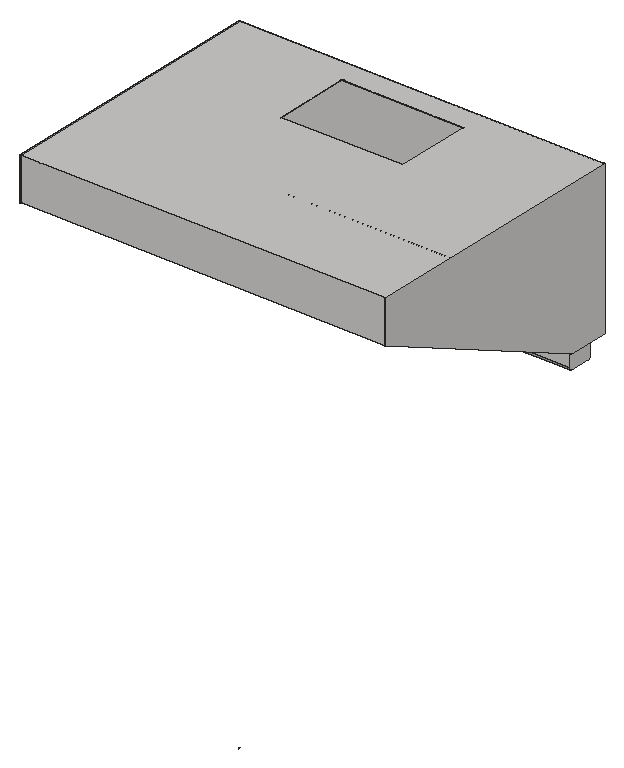
Revit family "QF_ELECTROLUXPROFESSIONAL_642286_MP912BT", category Specialty Equipment, Revit 2014
Reference planes
  plane 1: z = 0
  plane 2 "Center (Left/Right)": x = 150
  plane 3 "LEFT": x = -450
  plane 4 "RIGHT": x = 750
  plane 5 "BACK": y = 550
  plane 6 "Plane": z = 2000
  plane 7 "TOP": z = 2140
  plane 8 "Base": z = 1640
  plane 9: z = 1566
  plane 10 "DrainY": y = 485
  plane 11: x = -447
  plane 12: through (0, 414.509, 1640.8) normal (0, 0.7314, 0.682)
  plane 13: y = 470
  plane 14: y = 220
  plane 15 "DrainX": x = 630
  plane 16: x = -50
  plane 17: x = 350
  plane 18: x = 747
  plane 19: x = 540
  plane 20: x = 720
  plane 21: x = -410
  plane 22: x = 710
  plane 23: x = -47.5
  plane 24: x = 347.5
  plane 25 "FRONT": y = -350
  plane 26 "Center (Front/Back)": y = 100
Forms (mm)
  Extrusion 1, solid, material "QF_Finishes_Stainless Steel"
    sketch origin (-450, 0, 0) x (0, 1, 0) y (0, 0, 1)
      loop
        line (550, 1640) -> (550, 2140) -> (-350, 2140) -> (-350, 1998.736) -> (413.973, 1640) -> (550, 1640)
    from 0 to 3
  Extrusion 2, solid, material "QF_Finishes_Stainless Steel"
    sketch origin (150, 0, 0) x (0, 1, 0) y (0, 0, 1)
      loop
        line (415.255, 1640) -> (550, 1640) -> (550, 2139.19) -> (549.2, 2139.19) -> (549.2, 1640.8) -> (415.876, 1640.8) -> (339.347, 1722.867) -> (349.609, 1732.436) -> (348.927, 1733.167) -> (337.934, 1722.917) -> (415.255, 1640)
      loop
        line (-82.203, 2139.19) -> (-82.203, 2118.6) -> (-31.047, 2118.6) -> (34.354, 2048.466) -> (46.028, 2059.352) -> (45.346, 2060.083) -> (34.403, 2049.879) -> (-30.612, 2119.6) -> (-81.203, 2119.6) -> (-81.203, 2139.19) -> (-82.203, 2139.19)
    from -597 to 597
  Extrusion 3, solid, material "QF_Finishes_Stainless Steel"
    sketch origin (750, 0, 0) x (0, 1, 0) y (0, 0, 1)
      loop
        line (550, 1640) -> (550, 2140) -> (-350, 2140) -> (-350, 1998.736) -> (413.973, 1640) -> (550, 1640)
    from 0 to -3
  Extrusion 4, solid, material "QF_Finishes_Stainless Steel"
    sketch origin (150, 0, 0) x (0, 1, 0) y (0, 0, 1)
      loop
        line (-350, 2140) -> (-350, 2000) -> (-349.2, 2000) -> (-349.2, 2139.19) -> (550, 2139.19) -> (550, 2140) -> (-350, 2140)
    from -600 to 600
  Extrusion 5, solid, material "QF_Finishes_Stainless Steel"
    sketch origin (150, 0, 0) x (0, 1, 0) y (0, 0, 1)
      loop
        line (534, 1640) -> (436, 1640) -> (436, 1627) -> (443.5, 1627) -> (443.5, 1576)
        arc (443.5, 1576) -> (446.429, 1568.929) -> (453.5, 1566) r 10
        line (453.5, 1566) -> (516.5, 1566)
        arc (516.5, 1566) -> (523.571, 1568.929) -> (526.5, 1576) r 10
        line (526.5, 1576) -> (526.5, 1627) -> (534, 1627) -> (534, 1640)
    from 390 to 570
  Extrusion 6, solid, material "QF_Finishes_Stainless Steel"
    sketch origin (0, 0, 1640) x (0, 1, 0) y (-1, 0, 0)
      loop
        circle (485, -630) r 20
    from -76 to -74
  Extrusion 7, solid, material "QF_Finished_Chrome"
    sketch origin (150, 0, 0) x (0, 1, 0) y (0, 0, 1)
      loop
        line (337.934, 1722.917) -> (341.591, 1726.327) -> (38.011, 2051.876) -> (34.354, 2048.466) -> (337.934, 1722.917)
    from -197.5 to -560
  Extrusion 8, solid, material "QF_Finishes_Stainless Steel"
    sketch origin (150, 0, 0) x (0, 1, 0) y (0, 0, 1)
      loop
        line (337.934, 1722.917) -> (341.591, 1726.327) -> (38.011, 2051.876) -> (34.354, 2048.466) -> (337.934, 1722.917)
    from 597 to 560
  Extrusion 9, solid, material "QF_Finished_Chrome"
    sketch origin (150, 0, 0) x (0, 1, 0) y (0, 0, 1)
      loop
        line (341.588, 1726.324) -> (38.009, 2051.874) -> (34.354, 2048.466) -> (337.934, 1722.917) -> (341.588, 1726.324)
    from 197.5 to 560
  Extrusion 10, void
    sketch origin (0, 0, 2140) x (0, 1, 0) y (-1, 0, 0)
      loop
        line (470, -350) -> (470, 50) -> (220, 50) -> (220, -350) -> (470, -350)
    from 0 to -10
  Extrusion 11, solid, material "QF_Finishes_Stainless Steel"
    sketch origin (0, 0, 0) x (1, 0, 0) y (0, 1, 0)
      loop
        line (-450, 550) -> (-450, 549) -> (-449, 549) -> (-449, 550) -> (-450, 550)
    from 0 to 1
  Extrusion 12, solid, material "QF_Finishes_Stainless Steel"
    sketch origin (150, 0, 0) x (0, 1, 0) y (0, 0, 1)
      loop
        line (337.934, 1722.917) -> (341.591, 1726.327) -> (38.011, 2051.876) -> (34.354, 2048.466) -> (337.934, 1722.917)
    from -560 to -597
  Extrusion 13, solid, material "QF_Finishes_Stainless Steel"
    sketch origin (150, 0, 0) x (0, 1, 0) y (0, 0, 1)
      loop
        line (337.934, 1722.917) -> (341.591, 1726.327) -> (38.011, 2051.876) -> (34.354, 2048.466) -> (337.934, 1722.917)
    from 197.5 to -197.5
Cuts and joins
  Extrusion 10 cuts Extrusion 4
  joined: Extrusion 2, Extrusion 4
Lines and regions (mm)
  reference lines
    curve 1: line (150, 34.354, 2048.466) -> (150, 34.354, 1888.466)
  symbolic lines, style "SpecialityEquipment", detail levels coarse
    curve 2: line (750, 550, 2140) -> (-450, 550, 2140)
    curve 3: line (-450, 550, 2140) -> (-450, -350, 2140)
    curve 4: line (750, -350, 2140) -> (750, 550, 2140)
    curve 5: line (-450, -350, 2140) -> (750, -350, 2140)
    curve 6: line (350, 220, 2140) -> (-50, 220, 2140)
    curve 7: line (350, 470, 2140) -> (350, 220, 2140)
    curve 8: line (-50, 470, 2140) -> (350, 470, 2140)
    curve 9: line (-50, 220, 2140) -> (-50, 470, 2140)
    curve 10: line (-450, 550, 0) -> (750, -350, 0)
    curve 11: line (750, 550, 0) -> (-450, -350, 0)
Dimensions and locks
  plane 3 "LEFT" to plane 4 "RIGHT" = 1200 mm
  equal spacing: plane 3 "LEFT", plane 2 "Center (Left/Right)", plane 4 "RIGHT"
  locked: plane 6 "Plane" to level at 2000
  plane 7 "TOP" to plane 6 "Plane" = 140 mm
  locked: plane 7 "TOP" to plane 8 "Base" at 500
  plane 8 "Base" to plane 9 = 74 mm
  plane 5 "BACK" to plane 10 "DrainY" = 65 mm  (x2)
  plane 3 "LEFT" to plane 11 = 3 mm
  plane 5 "BACK" to plane 13 = 80 mm
  plane 13 to plane 14 = 250 mm  (x2)
  plane 15 "DrainX" to plane 4 "RIGHT" = 120 mm
  plane 18 to plane 4 "RIGHT" = 3 mm
  locked: plane 19 to plane 15 "DrainX" at 90
  locked: plane 15 "DrainX" to plane 20 at 90
  plane 13 to plane 5 "BACK" = 80 mm
  locked: plane 3 "LEFT" to plane 21 at 40
  locked: plane 22 to plane 4 "RIGHT" at 40
  locked: plane 23 to plane 24 at 395
  equal spacing: plane 23, plane 2 "Center (Left/Right)", plane 24
  locked: plane 16 to plane 17 at 400
  equal spacing: plane 16, plane 2 "Center (Left/Right)", plane 17
  plane 5 "BACK" to plane 25 "FRONT" = 900 mm  (x2)
  equal spacing: plane 5 "BACK", plane 26 "Center (Front/Back)", plane 25 "FRONT"
  aligned and locked: level to plane 1
  aligned and locked: Extrusion 2 to Extrusion 1
  aligned and locked: Extrusion 2 to Extrusion 3
  aligned and locked: plane 4 "RIGHT" to Extrusion 4
  aligned and locked: Extrusion 4 to plane 3 "LEFT"
  aligned and locked: plane 18 to Extrusion 8
  aligned and locked: Extrusion 10 to plane 16
  aligned and locked: Extrusion 10 to plane 14
  aligned and locked: Extrusion 10 to plane 13
  aligned and locked: Extrusion 2 to Extrusion 4
  aligned and locked: plane 20 to Extrusion 5
  aligned and locked: Extrusion 5 to plane 19
  aligned and locked: Extrusion 8 to plane 22
  aligned and locked: Extrusion 9 to plane 22
  aligned and locked: Extrusion 7 to plane 21
  aligned and locked: Extrusion 12 to plane 11
  aligned and locked: plane 21 to Extrusion 12
  aligned and locked: Extrusion 3 to plane 18
  aligned and locked: Extrusion 10 to plane 17
  aligned and locked: plane 17 to curve 7
  aligned and locked: plane 24 to Extrusion 13
  aligned and locked: Extrusion 13 to plane 23
  aligned and locked: Extrusion 9 to plane 24
Automatic sketch dimensions
  curve 5 to plane 4 "RIGHT" = 0 mm
  curve 6 to plane 14 = 0 mm
  plane 13 to curve 8 = 0 mm
  curve 3 to plane 3 "LEFT" = 0 mm
  curve 3 to plane 5 "BACK" = 0 mm
  curve 6 to plane 16 = 0 mm
  Extrusion 2 sketch curve to plane 12 = 0 mm  (x3)
  Extrusion 2 sketch curve to plane 8 "Base" = 0 mm
  plane 12 to Extrusion 2 sketch curve = 0 mm
  Extrusion 2 sketch curve to plane 5 "BACK" = 0 mm
  Extrusion 2 sketch curve to Extrusion 2 sketch curve = 65.646 mm
  Extrusion 2 sketch curve to Extrusion 2 sketch curve = 0.682 mm  (x2)
  Extrusion 2 sketch curve to Extrusion 2 sketch curve = 10.261 mm
  plane 8 "Base" to Extrusion 2 sketch curve = 82.917 mm
  Extrusion 2 sketch curve to Extrusion 2 sketch curve = 10.942 mm
  Extrusion 2 sketch curve to Extrusion 2 sketch curve = 0.049 mm
  Extrusion 2 sketch curve to plane 7 "TOP" = 20.4 mm
  Extrusion 2 sketch curve to plane 7 "TOP" = 21.4 mm
  Extrusion 2 sketch curve to plane 7 "TOP" = 0.81 mm  (x2)
  Extrusion 2 sketch curve to Extrusion 2 sketch curve = 50.156 mm
  Extrusion 2 sketch curve to Extrusion 2 sketch curve = 1 mm
  plane 8 "Base" to Extrusion 2 sketch curve = 0.8 mm
  Extrusion 2 sketch curve to plane 5 "BACK" = 0.8 mm
  Extrusion 4 sketch curve to plane 6 "Plane" = 0 mm
  Extrusion 4 sketch curve to plane 5 "BACK" = 0 mm
  Extrusion 4 sketch curve to plane 7 "TOP" = 0 mm
  Extrusion 4 sketch curve to plane 7 "TOP" = 0.81 mm
  curve 1 to plane 12 = 0 mm
  curve 1 to plane 6 "Plane" = 111.534 mm
  Extrusion 5 sketch curve to plane 8 "Base" = 0 mm
  Extrusion 5 sketch curve to plane 9 = 0 mm
  Extrusion 5 sketch curve to plane 8 "Base" = 13 mm  (x2)
  plane 13 to Extrusion 5 sketch curve = 34 mm
  Extrusion 5 sketch curve to Extrusion 5 sketch curve = 7.5 mm  (x2)
  Extrusion 5 sketch curve to Extrusion 5 sketch curve = 10 mm
  plane 10 "DrainY" to Extrusion 5 sketch curve = 31.5 mm
  Extrusion 5 sketch curve to plane 5 "BACK" = 23.5 mm
  Extrusion 6 sketch curve to plane 10 "DrainY" = 0 mm
  Extrusion 6 sketch curve to plane 15 "DrainX" = 0 mm
  Extrusion 7 sketch curve to plane 12 = 0 mm  (x2)
  Extrusion 7 sketch curve to Extrusion 7 sketch curve = 3.657 mm
  plane 8 "Base" to Extrusion 7 sketch curve = 82.917 mm
  Extrusion 8 sketch curve to plane 12 = 0 mm  (x2)
  Extrusion 8 sketch curve to Extrusion 8 sketch curve = 3.657 mm
  plane 8 "Base" to Extrusion 8 sketch curve = 82.917 mm
  Extrusion 9 sketch curve to plane 12 = 0 mm  (x2)
  Extrusion 9 sketch curve to Extrusion 9 sketch curve = 3.655 mm
  plane 8 "Base" to Extrusion 9 sketch curve = 82.917 mm
  Extrusion 10 sketch curve to plane 14 = 0 mm
  plane 13 to Extrusion 10 sketch curve = 0 mm
  Extrusion 10 sketch curve to plane 17 = 0 mm
  Extrusion 10 sketch curve to plane 16 = 0 mm
  Extrusion 11 sketch curve to plane 3 "LEFT" = 0 mm
  Extrusion 11 sketch curve to plane 5 "BACK" = 0 mm
  plane 3 "LEFT" to Extrusion 11 sketch curve = 1 mm
  Extrusion 11 sketch curve to Extrusion 11 sketch curve = 1 mm
  Extrusion 12 sketch curve to plane 12 = 0 mm  (x2)
  Extrusion 12 sketch curve to Extrusion 12 sketch curve = 3.657 mm
  plane 8 "Base" to Extrusion 12 sketch curve = 82.917 mm
  Extrusion 13 sketch curve to plane 12 = 0 mm  (x2)
  Extrusion 13 sketch curve to Extrusion 13 sketch curve = 3.657 mm
  plane 8 "Base" to Extrusion 13 sketch curve = 82.917 mm
  Extrusion 4 sketch curve to Extrusion 4 sketch curve = 0.8 mm
  curve 5 to plane 14 = 570 mm
  plane 6 "Plane" to Extrusion 2 sketch curve = 48.466 mm
  Extrusion 4 sketch curve to plane 14 = 569.2 mm
  curve 1 to plane 14 = 185.646 mm
  plane 6 "Plane" to Extrusion 7 sketch curve = 51.876 mm
  plane 6 "Plane" to Extrusion 8 sketch curve = 51.876 mm
  plane 6 "Plane" to Extrusion 9 sketch curve = 51.874 mm
  plane 6 "Plane" to Extrusion 12 sketch curve = 51.876 mm
  plane 6 "Plane" to Extrusion 13 sketch curve = 51.876 mm
  Extrusion 3 sketch curve to plane 7 "TOP" = 0 mm
  Extrusion 3 sketch curve to plane 8 "Base" = 0 mm
  Extrusion 3 sketch curve to plane 5 "BACK" = 0 mm
  Extrusion 3 sketch curve to plane 25 "FRONT" = 0 mm
  plane 13 to Extrusion 3 sketch curve = 56.027 mm
  Extrusion 3 sketch curve to plane 6 "Plane" = 1.264 mm
  Extrusion 1 sketch curve to plane 7 "TOP" = 0 mm
  Extrusion 1 sketch curve to plane 8 "Base" = 0 mm
  Extrusion 1 sketch curve to plane 12 = 0.937 mm
  Extrusion 1 sketch curve to plane 5 "BACK" = 0 mm
  Extrusion 1 sketch curve to plane 25 "FRONT" = 0 mm
  Extrusion 1 sketch curve to plane 6 "Plane" = 1.264 mm
  curve 11 to plane 3 "LEFT" = 0 mm
  curve 10 to plane 3 "LEFT" = 0 mm
  curve 11 to plane 4 "RIGHT" = 0 mm
  curve 10 to plane 4 "RIGHT" = 0 mm
  curve 10 to plane 25 "FRONT" = 0 mm
  curve 11 to plane 25 "FRONT" = 0 mm
  curve 11 to plane 5 "BACK" = 0 mm
  curve 10 to plane 5 "BACK" = 0 mm
  radius of Extrusion 6 sketch curve = 20 mm
Connectors
  piping at (630, 485, 1564), diameter 20
    settings: on Extrusion 6, index 1, connector inside diameter 609.6 mm, connector length 0 mm, flow factor 0, pipe flow 0.0 L/s, pressure drop 0.0 Pa, fitting loss kfactor 0, connector angle 0.00°, fixture units 0, engagement length 0 mm, angle of deflection 0.00°, flow configuration 1, flow direction 2, fitting loss method 0, system type 16, joint type 0, gender type 0, connector reference index -1, connector utility 0, adjustable connector no, is connector primary yes, connector description "Drain"
  hvac at (150, 345, 2140)
    settings: on Extrusion 10, index 2, duct flow 0.0 L/s, flow factor 0, pres drop 0.0 Pa, loss coef 0, conn angle 0.00°, conn width 250 mm, conn height 400 mm, conn diameter 609.6 mm, duct sys type 3, conn prof type 1, flow config 0, flow direction 2, loss method 0, conn ref index -1, conn util no, is conn primary yes, conn desc "EXHAUST OUTLET"
